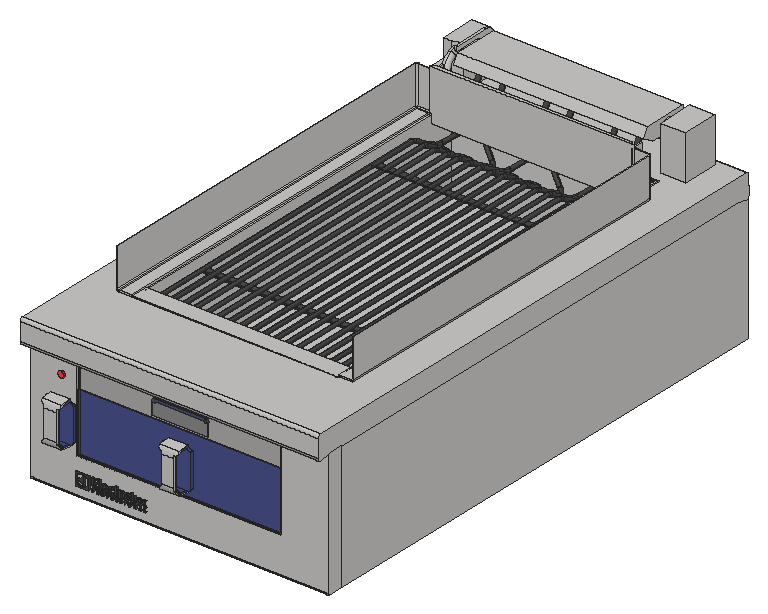
Revit family "QF_ELECTROLUXPROFESSIONAL_589284_MCDDAAEOIO", category Specialty Equipment, Revit 2018 (continued)
Automatic sketch dimensions
  Extrusion 16 sketch curve to Extrusion 16 sketch curve = 2.475 mm
  Extrusion 16 sketch curve to Extrusion 16 sketch curve = 0.003 mm
  Extrusion 16 sketch curve to Extrusion 16 sketch curve = 0.093 mm  (x2)
  Extrusion 16 sketch curve to Extrusion 16 sketch curve = 0.13 mm  (x2)
  Extrusion 16 sketch curve to Extrusion 16 sketch curve = 0.007 mm  (x2)
  Extrusion 16 sketch curve to Extrusion 16 sketch curve = 0.045 mm  (x2)
  Extrusion 16 sketch curve to Extrusion 16 sketch curve = 0.305 mm  (x2)
  Extrusion 16 sketch curve to Extrusion 16 sketch curve = 0.12 mm  (x2)
  Extrusion 16 sketch curve to Extrusion 16 sketch curve = 0.209 mm  (x2)
  Extrusion 16 sketch curve to Extrusion 16 sketch curve = 0.236 mm  (x2)
  plane 12 "BASE" to Extrusion 16 sketch curve = 21.383 mm  (x2)
  Extrusion 16 sketch curve to Extrusion 16 sketch curve = 0.432 mm  (x2)
  plane 12 "BASE" to Extrusion 16 sketch curve = 25 mm
  Extrusion 16 sketch curve to Extrusion 16 sketch curve = 1.08 mm
  plane 12 "BASE" to Extrusion 16 sketch curve = 21.887 mm  (x2)
  Extrusion 16 sketch curve to Extrusion 16 sketch curve = 0.735 mm  (x2)
  Extrusion 16 sketch curve to Extrusion 16 sketch curve = 2.254 mm
  plane 12 "BASE" to Extrusion 16 sketch curve = 24.953 mm  (x2)
  Extrusion 16 sketch curve to Extrusion 16 sketch curve = 1.046 mm
  plane 12 "BASE" to Extrusion 16 sketch curve = 27.282 mm
  Extrusion 16 sketch curve to Extrusion 16 sketch curve = 6.129 mm
  Extrusion 16 sketch curve to Extrusion 16 sketch curve = 2.048 mm
  plane 12 "BASE" to Extrusion 16 sketch curve = 33.815 mm
  Extrusion 16 sketch curve to Extrusion 16 sketch curve = 2.458 mm  (x3)
  plane 12 "BASE" to Extrusion 16 sketch curve = 33.215 mm
  Extrusion 16 sketch curve to Extrusion 16 sketch curve = 2.809 mm  (x2)
  Extrusion 16 sketch curve to Extrusion 16 sketch curve = 1.033 mm
  plane 12 "BASE" to Extrusion 16 sketch curve = 30.158 mm  (x4)
  Extrusion 16 sketch curve to Extrusion 16 sketch curve = 0.379 mm
  Extrusion 16 sketch curve to Extrusion 16 sketch curve = 2.459 mm
  Extrusion 16 sketch curve to Extrusion 16 sketch curve = 4.456 mm
  plane 12 "BASE" to Extrusion 16 sketch curve = 35.672 mm
  Extrusion 16 sketch curve to Extrusion 16 sketch curve = 6.06 mm
  plane 12 "BASE" to Extrusion 16 sketch curve = 26.894 mm
  Extrusion 16 sketch curve to Extrusion 16 sketch curve = 3.222 mm
  plane 12 "BASE" to Extrusion 16 sketch curve = 33.421 mm
  plane 12 "BASE" to Extrusion 16 sketch curve = 24.643 mm
  Extrusion 16 sketch curve to Extrusion 16 sketch curve = 3.221 mm
  Extrusion 16 sketch curve to Extrusion 16 sketch curve = 4.766 mm
  Extrusion 16 sketch curve to Extrusion 16 sketch curve = 1.524 mm
  Extrusion 16 sketch curve to Extrusion 16 sketch curve = 2.48 mm
  Extrusion 16 sketch curve to Extrusion 16 sketch curve = 1.895 mm
  Extrusion 16 sketch curve to Extrusion 16 sketch curve = 0.995 mm  (x2)
  plane 12 "BASE" to Extrusion 16 sketch curve = 20.84 mm
  Extrusion 16 sketch curve to Extrusion 16 sketch curve = 0.039 mm  (x2)
  Extrusion 16 sketch curve to Extrusion 16 sketch curve = 2.499 mm
  Extrusion 16 sketch curve to Extrusion 16 sketch curve = 2.276 mm
  plane 12 "BASE" to Extrusion 16 sketch curve = 24.684 mm
  Extrusion 16 sketch curve to Extrusion 16 sketch curve = 0.393 mm  (x3)
  plane 12 "BASE" to Extrusion 16 sketch curve = 26.956 mm
  Extrusion 16 sketch curve to Extrusion 16 sketch curve = 0.02 mm
  plane 12 "BASE" to Extrusion 16 sketch curve = 29.311 mm
  Extrusion 16 sketch curve to Extrusion 16 sketch curve = 2.273 mm
  Extrusion 16 sketch curve to Extrusion 16 sketch curve = 4.061 mm
  Extrusion 16 sketch curve to Extrusion 16 sketch curve = 1.099 mm
  Extrusion 16 sketch curve to Extrusion 16 sketch curve = 2.498 mm
  Extrusion 16 sketch curve to Extrusion 16 sketch curve = 0.485 mm  (x2)
  plane 12 "BASE" to Extrusion 16 sketch curve = 19.806 mm
  Extrusion 16 sketch curve to Extrusion 16 sketch curve = 0.459 mm  (x4)
  Extrusion 16 sketch curve to Extrusion 16 sketch curve = 1.143 mm
  plane 12 "BASE" to Extrusion 16 sketch curve = 22.688 mm
  Extrusion 16 sketch curve to Extrusion 16 sketch curve = 0.238 mm
  plane 12 "BASE" to Extrusion 16 sketch curve = 20.827 mm
  Extrusion 16 sketch curve to Extrusion 16 sketch curve = 0.462 mm
  Extrusion 16 sketch curve to Extrusion 16 sketch curve = 0.922 mm
  plane 12 "BASE" to Extrusion 16 sketch curve = 18.785 mm
  plane 12 "BASE" to Extrusion 16 sketch curve = 27.449 mm
  Extrusion 16 sketch curve to Extrusion 16 sketch curve = 1.792 mm
  Extrusion 16 sketch curve to Extrusion 16 sketch curve = 1.54 mm
  Extrusion 16 sketch curve to Extrusion 16 sketch curve = 0.872 mm
  Extrusion 16 sketch curve to Extrusion 16 sketch curve = 1.1 mm
  Extrusion 16 sketch curve to Extrusion 16 sketch curve = 1.145 mm
  plane 12 "BASE" to Extrusion 16 sketch curve = 30.447 mm
  Extrusion 16 sketch curve to Extrusion 16 sketch curve = 2.054 mm
  plane 12 "BASE" to Extrusion 16 sketch curve = 28.63 mm
  Extrusion 16 sketch curve to Extrusion 16 sketch curve = 1.363 mm  (x2)
  Extrusion 16 sketch curve to Extrusion 16 sketch curve = 1.364 mm
  Extrusion 16 sketch curve to Extrusion 16 sketch curve = 4.137 mm
  Extrusion 16 sketch curve to Extrusion 16 sketch curve = 2.252 mm  (x2)
  Extrusion 16 sketch curve to Extrusion 16 sketch curve = 0.127 mm
  plane 12 "BASE" to Extrusion 16 sketch curve = 28.282 mm
  Extrusion 16 sketch curve to Extrusion 16 sketch curve = 1.563 mm
  Extrusion 16 sketch curve to Extrusion 16 sketch curve = 1.048 mm
  Extrusion 16 sketch curve to Extrusion 16 sketch curve = 1.914 mm
  Extrusion 16 sketch curve to Extrusion 16 sketch curve = 2.706 mm
  Extrusion 16 sketch curve to Extrusion 16 sketch curve = 2.664 mm
  Extrusion 16 sketch curve to Extrusion 16 sketch curve = 7.314 mm
  Extrusion 16 sketch curve to Extrusion 16 sketch curve = 1.632 mm
  Extrusion 16 sketch curve to Extrusion 16 sketch curve = 3.648 mm  (x2)
  Extrusion 16 sketch curve to Extrusion 16 sketch curve = 3.598 mm  (x2)
  Extrusion 16 sketch curve to Extrusion 16 sketch curve = 4.176 mm
  Extrusion 16 sketch curve to Extrusion 16 sketch curve = 1.127 mm
  Extrusion 16 sketch curve to Extrusion 16 sketch curve = 3.129 mm
  Extrusion 16 sketch curve to Extrusion 16 sketch curve = 0.787 mm
  Extrusion 16 sketch curve to Extrusion 16 sketch curve = 0.856 mm
  Extrusion 16 sketch curve to Extrusion 16 sketch curve = 0.934 mm
  Extrusion 16 sketch curve to Extrusion 16 sketch curve = 0.941 mm  (x3)
  Extrusion 16 sketch curve to Extrusion 16 sketch curve = 0.537 mm  (x2)
  Extrusion 16 sketch curve to Extrusion 16 sketch curve = 0.25 mm
  Extrusion 16 sketch curve to Extrusion 16 sketch curve = 0.311 mm  (x2)
  Extrusion 16 sketch curve to Extrusion 16 sketch curve = 0.031 mm
  Extrusion 16 sketch curve to Extrusion 16 sketch curve = 1.686 mm
  Extrusion 16 sketch curve to Extrusion 16 sketch curve = 0.082 mm
  Extrusion 16 sketch curve to Extrusion 16 sketch curve = 1.753 mm
  Extrusion 16 sketch curve to Extrusion 16 sketch curve = 0.014 mm  (x2)
  Extrusion 16 sketch curve to Extrusion 16 sketch curve = 0.109 mm  (x2)
  Extrusion 16 sketch curve to Extrusion 16 sketch curve = 0.018 mm  (x2)
  Extrusion 16 sketch curve to Extrusion 16 sketch curve = 2.046 mm
  Extrusion 16 sketch curve to Extrusion 16 sketch curve = 0.827 mm
  Extrusion 16 sketch curve to Extrusion 16 sketch curve = 4.496 mm
  Extrusion 16 sketch curve to Extrusion 16 sketch curve = 4.443 mm
  Extrusion 16 sketch curve to Extrusion 16 sketch curve = 1.66 mm
  Extrusion 16 sketch curve to Extrusion 16 sketch curve = 0.631 mm  (x2)
  Extrusion 16 sketch curve to Extrusion 16 sketch curve = 1.016 mm
  Extrusion 16 sketch curve to Extrusion 16 sketch curve = 0.313 mm  (x2)
  Extrusion 16 sketch curve to Extrusion 16 sketch curve = 0.94 mm  (x3)
  Extrusion 16 sketch curve to Extrusion 16 sketch curve = 0.163 mm  (x2)
  Extrusion 16 sketch curve to Extrusion 16 sketch curve = 0.192 mm  (x2)
  Extrusion 16 sketch curve to Extrusion 16 sketch curve = 0.704 mm
  Extrusion 16 sketch curve to Extrusion 16 sketch curve = 0.686 mm
  Extrusion 16 sketch curve to Extrusion 16 sketch curve = 0.002 mm
  Extrusion 16 sketch curve to Extrusion 16 sketch curve = 0.077 mm  (x2)
  Extrusion 16 sketch curve to Extrusion 16 sketch curve = 0.164 mm  (x2)
  Extrusion 16 sketch curve to Extrusion 16 sketch curve = 0.865 mm
  Extrusion 16 sketch curve to Extrusion 16 sketch curve = 1.05 mm
  Extrusion 16 sketch curve to Extrusion 16 sketch curve = 0.337 mm  (x2)
  Extrusion 16 sketch curve to Extrusion 16 sketch curve = 4.036 mm
  Extrusion 16 sketch curve to Extrusion 16 sketch curve = 1.996 mm
  Extrusion 16 sketch curve to Extrusion 16 sketch curve = 1.955 mm
  Extrusion 16 sketch curve to Extrusion 16 sketch curve = 1.847 mm
  Extrusion 16 sketch curve to Extrusion 16 sketch curve = 2.265 mm  (x2)
  Extrusion 16 sketch curve to Extrusion 16 sketch curve = 0.004 mm  (x2)
  Extrusion 16 sketch curve to Extrusion 16 sketch curve = 0.132 mm
  Extrusion 16 sketch curve to Extrusion 16 sketch curve = 0.034 mm
  Extrusion 16 sketch curve to Extrusion 16 sketch curve = 4.131 mm
  Extrusion 16 sketch curve to Extrusion 16 sketch curve = 1.129 mm
  Extrusion 16 sketch curve to Extrusion 16 sketch curve = 0.166 mm
  Extrusion 16 sketch curve to Extrusion 16 sketch curve = 0.141 mm
  Extrusion 16 sketch curve to Extrusion 16 sketch curve = 2.155 mm
  Extrusion 16 sketch curve to Extrusion 16 sketch curve = 3.388 mm
  Extrusion 16 sketch curve to Extrusion 16 sketch curve = 1.838 mm
  Extrusion 16 sketch curve to Extrusion 16 sketch curve = 1.833 mm
  Extrusion 16 sketch curve to Extrusion 16 sketch curve = 1.776 mm
  Extrusion 16 sketch curve to Extrusion 16 sketch curve = 1.273 mm
  Extrusion 16 sketch curve to Extrusion 16 sketch curve = 2.637 mm  (x2)
  Extrusion 16 sketch curve to Extrusion 16 sketch curve = 0.103 mm
  Extrusion 16 sketch curve to Extrusion 16 sketch curve = 3.672 mm
  Extrusion 16 sketch curve to Extrusion 16 sketch curve = 2.338 mm
  Extrusion 16 sketch curve to Extrusion 16 sketch curve = 2.258 mm
  Extrusion 16 sketch curve to Extrusion 16 sketch curve = 2.106 mm
  Extrusion 16 sketch curve to Extrusion 16 sketch curve = 1.548 mm
  Extrusion 16 sketch curve to Extrusion 16 sketch curve = 6.073 mm
  Extrusion 16 sketch curve to Extrusion 16 sketch curve = 2.396 mm
  Extrusion 16 sketch curve to Extrusion 16 sketch curve = 1.409 mm
  Extrusion 16 sketch curve to Extrusion 16 sketch curve = 3.403 mm
  Extrusion 16 sketch curve to Extrusion 16 sketch curve = 0.89 mm
  Extrusion 16 sketch curve to Extrusion 16 sketch curve = 2.331 mm
  Extrusion 16 sketch curve to Extrusion 16 sketch curve = 3.986 mm
  Extrusion 16 sketch curve to Extrusion 16 sketch curve = 3.987 mm
  Extrusion 16 sketch curve to Extrusion 16 sketch curve = 1.009 mm  (x2)
  Extrusion 16 sketch curve to Extrusion 16 sketch curve = 0.125 mm  (x2)
  Extrusion 16 sketch curve to Extrusion 16 sketch curve = 0.522 mm  (x2)
  Extrusion 16 sketch curve to Extrusion 16 sketch curve = 0.257 mm  (x2)
  Extrusion 16 sketch curve to Extrusion 16 sketch curve = 0.286 mm  (x2)
  Extrusion 16 sketch curve to Extrusion 16 sketch curve = 0.278 mm  (x2)
  Extrusion 16 sketch curve to Extrusion 16 sketch curve = 0.822 mm  (x2)
  Extrusion 16 sketch curve to Extrusion 16 sketch curve = 0.835 mm  (x2)
  Sweep 17 sketch curve to plane 13 "TOP" = 30.001 mm
  Sweep 17 sketch curve to plane 13 "TOP" = 11.001 mm
  Sweep 17 sketch curve to Sweep 17 sketch curve = 19.4 mm
  Sweep 17 sketch curve to Sweep 17 sketch curve = 4 mm
  plane 11 "sCARICO" to Sweep 17 sketch curve = 0 mm
  Sweep 17 sketch curve to profile plane = 0 mm
  Sweep 18 sketch curve to plane 13 "TOP" = 34.001 mm
  Sweep 18 sketch curve to Sweep 18 sketch curve = 13.5 mm
  Sweep 18 sketch curve to plane 11 "sCARICO" = 0 mm
  Sweep 18 sketch curve to profile plane = 0 mm
  plane 6 "PLAIN" to Extrusion 19 sketch curve = 1.152 mm
  plane 3 "LEFT" to Extrusion 19 sketch curve = 77.348 mm
  plane 15 "EI_y" to Extrusion 19 sketch curve = 33.348 mm
  plane 12 "BASE" to Extrusion 19 sketch curve = 250 mm
  Extrusion 20 sketch curve to plane 6 "PLAIN" = 0 mm
  plane 3 "LEFT" to Extrusion 20 sketch curve = 81 mm
  plane 15 "EI_y" to Extrusion 20 sketch curve = 37 mm
  plane 12 "BASE" to Extrusion 20 sketch curve = 110 mm
  Extrusion 21 sketch curve to plane 6 "PLAIN" = 0 mm
  plane 3 "LEFT" to Extrusion 21 sketch curve = 81 mm
  plane 15 "EI_y" to Extrusion 21 sketch curve = 37 mm
  plane 12 "BASE" to Extrusion 21 sketch curve = 110 mm
  plane 10 "MontanteBack" to Extrusion 22 sketch curve = 65.726 mm
  Extrusion 22 sketch curve to Extrusion 22 sketch curve = 2.105 mm  (x2)
  plane 15 "EI_y" to Extrusion 22 sketch curve = 35.452 mm
  Extrusion 22 sketch curve to Extrusion 22 sketch curve = 6.786 mm  (x2)
  plane 3 "LEFT" to Extrusion 22 sketch curve = 86.238 mm
  Extrusion 22 sketch curve to Extrusion 22 sketch curve = 0 mm  (x3)
  plane 16 to Extrusion 23 sketch curve = 0 mm
  Extrusion 23 sketch curve to plane 9 "Grill" = 0 mm  (x2)
  plane 10 "MontanteBack" to Extrusion 23 sketch curve = 99.724 mm
  Extrusion 23 sketch curve to Extrusion 23 sketch curve = 3.1 mm  (x2)
  Extrusion 23 sketch curve to Extrusion 23 sketch curve = 32.302 mm
  Extrusion 23 sketch curve to Extrusion 23 sketch curve = 4.65 mm  (x2)
  Extrusion 23 sketch curve to Extrusion 23 sketch curve = 507.382 mm
  Extrusion 23 sketch curve to Extrusion 23 sketch curve = 41.464 mm
  Extrusion 23 sketch curve to Extrusion 23 sketch curve = 2.45 mm
  Extrusion 23 sketch curve to Extrusion 23 sketch curve = 4.244 mm
  Extrusion 23 sketch curve to Extrusion 23 sketch curve = 5.369 mm  (x2)
  Extrusion 23 sketch curve to Extrusion 23 sketch curve = 41.167 mm
  Extrusion 23 sketch curve to Extrusion 23 sketch curve = 5.502 mm
  Extrusion 23 sketch curve to Extrusion 23 sketch curve = 4.788 mm
  Extrusion 23 sketch curve to Extrusion 23 sketch curve = 106.667 mm
  Extrusion 23 sketch curve to Extrusion 23 sketch curve = 87.573 mm
  Extrusion 23 sketch curve to Extrusion 23 sketch curve = 1.306 mm
  Extrusion 23 sketch curve to Extrusion 23 sketch curve = 8.054 mm
  Extrusion 23 sketch curve to Extrusion 23 sketch curve = 9.3 mm
  Extrusion 23 sketch curve to Extrusion 23 sketch curve = 39.063 mm
  Extrusion 23 sketch curve to Extrusion 23 sketch curve = 2.871 mm
  Extrusion 24 sketch curve to plane 13 "TOP" = 0 mm  (x2)
  Extrusion 24 sketch curve to plane 10 "MontanteBack" = 4.508 mm
  plane 13 "TOP" to Extrusion 24 sketch curve = 32.592 mm
  Extrusion 24 sketch curve to Extrusion 24 sketch curve = 23.633 mm
  Extrusion 24 sketch curve to Extrusion 24 sketch curve = 27.957 mm
  plane 13 "TOP" to Extrusion 25 sketch curve = 7.313 mm
  plane 10 "MontanteBack" to Extrusion 25 sketch curve = 18.546 mm
  plane 13 "TOP" to Extrusion 25 sketch curve = 1.313 mm
  Extrusion 25 sketch curve to plane 10 "MontanteBack" = 20.263 mm
  Extrusion 25 sketch curve to Extrusion 25 sketch curve = 18.304 mm
  Extrusion 25 sketch curve to plane 13 "TOP" = 7.687 mm
  Extrusion 25 sketch curve to Extrusion 25 sketch curve = 20.771 mm
  Extrusion 25 sketch curve to Extrusion 25 sketch curve = 4.193 mm
  Extrusion 25 sketch curve to Extrusion 25 sketch curve = 7.322 mm
  Extrusion 25 sketch curve to plane 13 "TOP" = 4.569 mm
  Extrusion 25 sketch curve to Extrusion 25 sketch curve = 2.861 mm
  Extrusion 25 sketch curve to Extrusion 25 sketch curve = 13.461 mm
  Extrusion 25 sketch curve to plane 13 "TOP" = 19.001 mm
  Extrusion 25 sketch curve to Extrusion 25 sketch curve = 23.999 mm
  Extrusion 25 sketch curve to Extrusion 25 sketch curve = 8.568 mm
  Extrusion 25 sketch curve to Extrusion 25 sketch curve = 9.081 mm
  Extrusion 25 sketch curve to Extrusion 25 sketch curve = 1.291 mm
  plane 14 "EI_x" to Extrusion 30 sketch curve = 47.818 mm
  plane 3 "LEFT" to Extrusion 30 sketch curve = 86.446 mm
  plane 14 "EI_x" to Extrusion 31 sketch curve = 47.818 mm
  plane 3 "LEFT" to Extrusion 31 sketch curve = 86.446 mm
  plane 15 "EI_y" to Extrusion 34 sketch curve = 11 mm
  Extrusion 34 sketch curve to plane 8 "Center (Front/Back)" = 73 mm
  plane 14 "EI_x" to Extrusion 32 sketch curve = 0 mm
  Extrusion 32 sketch curve to plane 15 "EI_y" = 0 mm
  plane 15 "EI_y" to Sweep 1 sketch curve = 39.452 mm
  Sweep 1 sketch curve to Sweep 1 sketch curve = 4 mm  (x2)
  plane 15 "EI_y" to Sweep 1 sketch curve = 13.452 mm
  plane 10 "MontanteBack" to Sweep 1 sketch curve = 71.621 mm
  plane 14 "EI_x" to Sweep 1 sketch curve = 76 mm
  Sweep 1 sketch curve to Sweep 1 sketch curve = 14 mm
  Sweep 2 sketch curve to plane 3 "LEFT" = 83.452 mm
  Sweep 2 sketch curve to Sweep 2 sketch curve = 4 mm  (x2)
  Sweep 2 sketch curve to Sweep 2 sketch curve = 22 mm
  Sweep 2 sketch curve to plane 10 "MontanteBack" = 71.621 mm
  Sweep 2 sketch curve to Sweep 2 sketch curve = 14 mm
  Sweep 2 sketch curve to plane 14 "EI_x" = 79 mm
  Extrusion 27 sketch curve to Extrusion 27 sketch curve = 0 mm  (x2)
  plane 10 "MontanteBack" to Extrusion 27 sketch curve = 93.701 mm
  plane 7 "Center (Left/Right)" to Extrusion 27 sketch curve = 68.033 mm
  plane 10 "MontanteBack" to Extrusion 28 sketch curve = 93.701 mm
  plane 7 "Center (Left/Right)" to Extrusion 28 sketch curve = 68.033 mm
  plane 10 "MontanteBack" to Extrusion 29 sketch curve = 93.701 mm
  plane 7 "Center (Left/Right)" to Extrusion 29 sketch curve = 68.033 mm
  Extrusion 33 sketch curve to plane 14 "EI_x" = 15 mm
  plane 7 "Center (Left/Right)" to Extrusion 33 sketch curve = 49 mm
  curve 79 to curve 82 = 0 mm  (x2)
  curve 92 to curve 93 = 0 mm  (x2)
  curve 121 to curve 122 = 0 mm  (x2)
  curve 128 to curve 129 = 0 mm  (x2)
  curve 116 to plane 4 "RIGHT" = 0 mm
  plane 5 "FRONT" to curve 116 = 0 mm
  plane 11 "sCARICO" to curve 133 = 0 mm
  plane 11 "sCARICO" to curve 132 = 0 mm
  plane 1 "BACK" to curve 117 = 0 mm
  curve 117 to plane 4 "RIGHT" = 0 mm
  curve 117 to plane 3 "LEFT" = 0 mm
  curve 116 to plane 3 "LEFT" = 0 mm
  plane 14 "EI_x" to curve 85 = 79 mm
  plane 15 "EI_y" to curve 130 = 33.348 mm
  plane 14 "EI_x" to curve 130 = 78.975 mm
  plane 15 "EI_y" to curve 90 = 8.5 mm
  curve 87 to curve 90 = 2.975 mm
  plane 10 "MontanteBack" to curve 81 = 71.621 mm
  plane 10 "MontanteBack" to curve 90 = 71.621 mm
  curve 92 to curve 124 = 0.895 mm
  curve 95 to curve 94 = 4.057 mm
  curve 122 to curve 83 = 4.057 mm
  curve 83 to curve 120 = 3.048 mm
  curve 94 to curve 125 = 3.048 mm
  curve 122 to curve 119 = 14 mm
  curve 125 to curve 125 = 14 mm
  curve 119 to curve 134 = 11.759 mm
  curve 134 to curve 133 = 1.606 mm
  curve 133 to curve 132 = 0.002 mm
  curve 133 to curve 108 = 1.606 mm
  curve 133 to curve 97 = 4.618 mm
  curve 131 to curve 139 = 8.033 mm
  plane 10 "MontanteBack" to curve 102 = 3.433 mm
  plane 10 "MontanteBack" to curve 107 = 1.433 mm
  curve 104 to plane 10 "MontanteBack" = 3.46 mm
  plane 1 "BACK" to curve 100 = 11.433 mm
  plane 1 "BACK" to curve 111 = 11.433 mm
  plane 1 "BACK" to curve 105 = 11.433 mm
  plane 15 "EI_y" to curve 101 = 2.505 mm
  plane 15 "EI_y" to curve 140 = 32 mm
  curve 87 to curve 124 = 2.104 mm
  curve 99 to curve 100 = 42 mm
  curve 119 to curve 133 = 8.776 mm
  curve 131 to curve 132 = 8.776 mm
  curve 97 to curve 111 = 2.057 mm
  curve 108 to curve 133 = 5.26 mm
  curve 109 to curve 110 = 3.842 mm
  plane 3 "LEFT" to curve 130 = 77.348 mm
  curve 141 to curve 107 = 4.164 mm
  curve 104 to curve 107 = 16.004 mm
  curve 86 to curve 83 = 19.896 mm
  curve 103 to curve 105 = 30 mm
  curve 88 to curve 135 = 26.125 mm
  curve 4 to plane 14 "EI_x" = 63.346 mm
  curve 14 to plane 14 "EI_x" = 63.346 mm
  curve 4 to curve 6 = 0 mm
  curve 14 to curve 16 = 0 mm
  curve 12 to curve 14 = 0 mm
  curve 6 to curve 8 = 0 mm
  curve 16 to curve 18 = 0 mm
  curve 8 to curve 10 = 0 mm
  curve 18 to curve 20 = 0 mm
  curve 20 to curve 22 = 0 mm
  curve 40 to plane 14 "EI_x" = 63.346 mm
  curve 22 to curve 24 = 0 mm
  curve 38 to curve 4 = 0 mm
  curve 24 to curve 26 = 0 mm
  curve 36 to curve 14 = 0 mm
  curve 34 to curve 40 = 0 mm
  curve 26 to curve 28 = 0 mm
  curve 32 to curve 34 = 0 mm
  curve 28 to curve 30 = 0 mm
  curve 32 to curve 31 = 8 mm
  curve 29 to curve 31 = 0 mm
  curve 31 to curve 33 = 0 mm
  curve 27 to curve 29 = 0 mm
  curve 36 to curve 35 = 8 mm
  curve 11 to curve 35 = 0 mm
  curve 38 to curve 37 = 8 mm
  curve 25 to curve 27 = 0 mm
  curve 33 to curve 39 = 0 mm
  curve 23 to curve 25 = 0 mm
  curve 21 to curve 23 = 0 mm
  curve 19 to curve 21 = 0 mm
  curve 9 to curve 11 = 0 mm
  curve 17 to curve 19 = 0 mm
  curve 7 to curve 9 = 0 mm
  curve 15 to curve 17 = 0 mm
  curve 5 to curve 7 = 0 mm
  curve 13 to curve 15 = 0 mm
  curve 3 to curve 5 = 0 mm
  curve 50 to curve 122 = 120.928 mm
  curve 48 to curve 50 = 0 mm
  curve 50 to curve 52 = 0 mm
  curve 46 to curve 48 = 0 mm
  curve 52 to curve 54 = 0 mm
  curve 44 to curve 46 = 0 mm
  curve 54 to curve 56 = 0 mm
  curve 42 to curve 44 = 0 mm
  curve 56 to curve 58 = 0 mm
  curve 58 to curve 60 = 0 mm
  plane 15 "EI_y" to curve 78 = 37 mm
  curve 78 to curve 128 = 120.928 mm
  curve 60 to curve 62 = 0 mm
  curve 76 to curve 42 = 0 mm
  curve 62 to curve 64 = 0 mm
  curve 74 to curve 52 = 0 mm
  curve 64 to curve 66 = 0 mm
  curve 72 to curve 78 = 0 mm
  curve 66 to curve 68 = 0 mm
  curve 70 to curve 72 = 0 mm
  curve 70 to curve 69 = 8 mm
  curve 69 to curve 71 = 0 mm
  curve 67 to curve 69 = 0 mm
  curve 74 to curve 73 = 8 mm
  curve 65 to curve 67 = 0 mm
  curve 76 to curve 75 = 8 mm
  curve 63 to curve 65 = 0 mm
  curve 71 to curve 77 = 0 mm
  curve 61 to curve 63 = 0 mm
  curve 44 to curve 43 = 8 mm
  curve 46 to curve 45 = 8 mm
  curve 59 to curve 61 = 0 mm
  curve 41 to curve 43 = 0 mm
  curve 45 to curve 47 = 0 mm
  curve 47 to curve 49 = 0 mm
  curve 57 to curve 59 = 0 mm
  curve 55 to curve 57 = 0 mm
  curve 53 to curve 55 = 0 mm
  curve 73 to curve 51 = 0 mm
  curve 83 to curve 137 = 0.418 mm
  curve 123 to curve 128 = 2.105 mm
  curve 119 to curve 138 = 2.512 mm
  curve 119 to curve 137 = 2.846 mm
  curve 131 to curve 98 = 0.384 mm
  curve 133 to curve 132 = 9.113 mm
  curve 97 to curve 132 = 4.496 mm
  curve 132 to curve 145 = 3.991 mm
  curve 115 to plane 10 "MontanteBack" = 5.06 mm
  curve 142 to plane 10 "MontanteBack" = 5.067 mm
  curve 104 to curve 141 = 1.607 mm
  curve 141 to curve 114 = 5 mm
  curve 113 to curve 99 = 21.507 mm
  curve 143 to curve 110 = 21.496 mm
  curve 143 to curve 144 = 0.054 mm
  curve 143 to curve 112 = 5 mm
  curve 96 to curve 109 = 5 mm
  curve 136 to curve 96 = 0 mm
  curve 77 to curve 78 = 0 mm
  curve 40 to curve 40 = 8.05 mm
  curve 78 to curve 78 = 4.398 mm
  curve 39 to curve 40 = 0 mm
  curve 77 to curve 77 = 4.398 mm
  curve 40 to curve 34 = 6.201 mm
  curve 78 to curve 72 = 6.201 mm
  curve 77 to curve 71 = 6.201 mm
  curve 39 to curve 33 = 6.201 mm
  curve 115 to curve 115 = 7.31 mm
  curve 131 to curve 98 = 0 mm
  curve 72 to curve 72 = 12.8 mm
  curve 34 to curve 34 = 12.8 mm
  curve 71 to curve 72 = 0 mm
  curve 33 to curve 34 = 0 mm
  curve 33 to curve 31 = 6.201 mm
  curve 71 to curve 69 = 6.201 mm
  curve 34 to curve 32 = 6.201 mm
  curve 72 to curve 70 = 6.201 mm
  curve 70 to curve 70 = 12.8 mm
  curve 32 to curve 32 = 12.8 mm
  curve 31 to curve 32 = 0 mm
  curve 69 to curve 70 = 0 mm
  curve 31 to curve 29 = 6.2 mm
  curve 69 to curve 67 = 6.2 mm
  curve 70 to curve 68 = 6.2 mm
  curve 32 to curve 30 = 6.2 mm
  curve 30 to curve 30 = 12.8 mm
  curve 68 to curve 68 = 12.8 mm
  curve 29 to curve 30 = 0 mm
  curve 67 to curve 68 = 0 mm
  curve 67 to curve 65 = 6.2 mm
  curve 30 to curve 28 = 6.2 mm
  curve 29 to curve 27 = 6.2 mm
  curve 68 to curve 66 = 6.2 mm
  curve 28 to curve 28 = 12.8 mm
  curve 27 to curve 28 = 0 mm
  curve 66 to curve 66 = 12.8 mm
  curve 65 to curve 66 = 0 mm
  curve 28 to curve 26 = 6.2 mm
  curve 27 to curve 25 = 6.2 mm
  curve 65 to curve 63 = 6.2 mm
  curve 66 to curve 64 = 6.2 mm
  curve 26 to curve 26 = 13 mm
  curve 25 to curve 26 = 0 mm
  curve 63 to curve 63 = 13 mm
  curve 64 to curve 63 = 0 mm
  curve 25 to curve 23 = 6 mm
  curve 26 to curve 24 = 6 mm
  curve 63 to curve 61 = 6 mm
  curve 64 to curve 62 = 6 mm
  curve 23 to curve 23 = 12.8 mm
  curve 62 to curve 62 = 12.8 mm
  curve 61 to curve 62 = 0 mm
  curve 24 to curve 23 = 0 mm
  curve 24 to curve 22 = 6.2 mm
  curve 61 to curve 59 = 6.2 mm
  curve 62 to curve 60 = 6.2 mm
  curve 23 to curve 21 = 6.2 mm
  curve 22 to curve 22 = 12.8 mm
  curve 60 to curve 60 = 12.8 mm
  curve 59 to curve 60 = 0 mm
  curve 21 to curve 22 = 0 mm
  curve 21 to curve 19 = 6.201 mm
  curve 60 to curve 58 = 6.201 mm
  curve 59 to curve 57 = 6.201 mm
  curve 22 to curve 20 = 6.201 mm
  plane 7 "Center (Left/Right)" to curve 58 = 12.601 mm
  curve 57 to curve 58 = 0 mm
  plane 7 "Center (Left/Right)" to curve 19 = 12.601 mm
  curve 20 to curve 19 = 0 mm
  curve 19 to curve 17 = 6.2 mm
  curve 20 to curve 18 = 6.2 mm
  curve 57 to curve 55 = 6.2 mm
  curve 58 to curve 56 = 6.2 mm
  curve 18 to plane 7 "Center (Left/Right)" = 6.399 mm
  curve 56 to plane 7 "Center (Left/Right)" = 6.399 mm
  curve 17 to plane 7 "Center (Left/Right)" = 6.399 mm
  curve 55 to plane 7 "Center (Left/Right)" = 6.399 mm
  curve 55 to curve 53 = 6.2 mm
  curve 56 to curve 54 = 6.2 mm
  curve 18 to curve 16 = 6.2 mm
  curve 17 to curve 15 = 6.2 mm
  curve 15 to curve 15 = 12.8 mm
  curve 53 to curve 53 = 12.8 mm
  curve 16 to curve 15 = 0 mm
  curve 54 to curve 53 = 0 mm
  curve 53 to curve 51 = 6.2 mm
  curve 15 to curve 13 = 6.2 mm
  curve 54 to curve 52 = 6.2 mm
  curve 16 to curve 14 = 6.2 mm
  curve 14 to curve 14 = 12.8 mm
  curve 52 to curve 52 = 12.8 mm
  curve 13 to curve 14 = 0 mm
  curve 51 to curve 52 = 0 mm
  curve 51 to curve 73 = 6.2 mm
  curve 52 to curve 74 = 6.2 mm
  curve 14 to curve 36 = 6.2 mm
  curve 13 to curve 35 = 6.2 mm
  curve 36 to curve 36 = 12.8 mm
  curve 74 to curve 74 = 12.8 mm
  curve 35 to curve 36 = 0 mm
  curve 73 to curve 74 = 0 mm
  curve 35 to curve 11 = 6 mm
  curve 36 to curve 12 = 6 mm
  curve 74 to curve 50 = 6 mm
  curve 73 to curve 49 = 6 mm
  curve 50 to curve 50 = 13 mm
  curve 49 to curve 50 = 0 mm
  curve 12 to curve 12 = 13 mm
  curve 11 to curve 12 = 0 mm
  curve 49 to curve 47 = 6.201 mm
  curve 50 to curve 48 = 6.201 mm
  curve 11 to curve 9 = 6.201 mm
  curve 12 to curve 10 = 6.201 mm
  curve 10 to curve 10 = 12.8 mm
  curve 47 to curve 47 = 12.8 mm
  curve 9 to curve 10 = 0 mm
  curve 48 to curve 47 = 0 mm
  curve 10 to curve 8 = 6.2 mm
  curve 9 to curve 7 = 6.2 mm
  curve 47 to curve 45 = 6.2 mm
  curve 48 to curve 46 = 6.2 mm
  curve 45 to curve 45 = 12.8 mm
  curve 7 to curve 7 = 12.8 mm
  curve 8 to curve 7 = 0 mm
  curve 46 to curve 45 = 0 mm
  curve 45 to curve 43 = 6.2 mm
  curve 8 to curve 6 = 6.2 mm
  curve 46 to curve 44 = 6.2 mm
  curve 7 to curve 5 = 6.2 mm
  curve 44 to curve 44 = 12.8 mm
  curve 5 to curve 5 = 12.8 mm
  curve 43 to curve 44 = 0 mm
  curve 6 to curve 5 = 0 mm
  curve 43 to curve 41 = 6.2 mm
  curve 44 to curve 42 = 6.2 mm
  curve 6 to curve 4 = 6.2 mm
  curve 5 to curve 3 = 6.2 mm
  curve 4 to curve 4 = 12.8 mm
  curve 42 to curve 42 = 12.8 mm
  curve 3 to curve 4 = 0 mm
  curve 41 to curve 42 = 0 mm
  curve 3 to curve 37 = 6.2 mm
  curve 41 to curve 75 = 6.2 mm
  curve 42 to curve 76 = 6.2 mm
  curve 4 to curve 38 = 6.2 mm
  curve 76 to curve 76 = 4.401 mm
  curve 75 to curve 75 = 4.401 mm
  curve 37 to curve 37 = 7.401 mm
  curve 38 to curve 38 = 7.401 mm
  radius of Extrusion 6 sketch curve = 16 mm
  radius of Extrusion 9 sketch curve = 4.002 mm  (x2)
  radius of Extrusion 16 sketch curve = 2.585 mm  (x2)
  radius of Extrusion 16 sketch curve = 1.64 mm
  radius of Extrusion 16 sketch curve = 1.548 mm
  radius of Sweep 17 sketch curve = 5.5 mm
  radius of Sweep 18 sketch curve = 11 mm
  radius of Extrusion 30 sketch curve = 3.406 mm
  radius of Extrusion 31 sketch curve = 3.406 mm
  radius of Extrusion 34 sketch curve = 10 mm
  radius of Extrusion 32 sketch curve = 10 mm
  radius of Extrusion 27 sketch curve = 49 mm
  radius of Extrusion 27 sketch curve = 44 mm
  radius of Extrusion 28 sketch curve = 35 mm
  radius of Extrusion 29 sketch curve = 35 mm
  radius of Extrusion 33 sketch curve = 6.35 mm
Nested families
  nested 1: "GC_900_500_Front_Panel" at (252.376, -854, 0), type "GC_900_500_Front_Panel"
  nested 2: "CharGrill1" at (74.881, -8.615, 613.364), type "CharGrill1"
    with Width 628.013 mm, No. of Rails 2, Grill Width 180 mm
  nested 3: "CharGrill1" at (188.881, -8.615, 613.364), type "CharGrill1"
    with Width 628.013 mm, No. of Rails 2, Grill Width 180 mm
  nested 4: "CharGrill1" at (-39.119, -8.615, 613.364), type "CharGrill1"
    with Width 628.013 mm, No. of Rails 2, Grill Width 180 mm
Connectors
  electrical at (456, -685, 670), driven by "Volts"
    settings: on Extrusion 32, index 1, voltage 400 V, apparent load 0 VA, apparent load phase1 0 VA, apparent load phase2 0 VA, apparent load phase3 0 VA, power factor 1, load classification "Other", number of poles 1, system type 30, power factor state 1, is connector primary yes, connector utility no, sub classification motor no, connector description "Electrical Connection"
  piping at (445, -523, 670), diameter 12.7, driven by "Cold Water Size"
    settings: on Extrusion 34, index 2, connector inside diameter 24", connector length 0 mm, flow factor 0, pipe flow 0 GPM, pressure drop 0.00 psi, fitting loss kfactor 0, connector angle 0.00°, fixture units 0, engagement length 0 mm, angle of deflection 0.00°, flow configuration 1, flow direction 1, fitting loss method 0, system type 20, joint type 0, gender type 0, connector reference index -1, connector utility 0, adjustable connector no, is connector primary yes, connector description "Cold Water Inlet"
  piping at (299, -670, 650), diameter 12.7
    settings: on Extrusion 33, index 3, connector inside diameter 24", connector length 0 mm, flow factor 0, pipe flow 0 GPM, pressure drop 0.00 psi, fitting loss kfactor 0, connector angle 0.00°, fixture units 0, engagement length 0 mm, angle of deflection 0.00°, flow configuration 1, flow direction 2, fitting loss method 0, system type 16, joint type 0, gender type 0, connector reference index -1, connector utility 0, adjustable connector no, is connector primary no, connector description "Drain"
Definition of nested family "GC_900_500_Front_Panel"
  Reference planes
    plane 1 "Center (Front/Back)": y = 0
    plane 2: z = 0
    plane 3 "Center (Left/Right)": x = -2.376
    plane 4: x = -252.376
    plane 5: x = 247.624
  Forms (mm)
    Extrusion 1, solid
      sketch origin (833.217, 829.203, -1.25) x (0, 1, 0) y (0, 0, 1)
        loop
          arc (-854.203, 654.25) -> (-853.324, 652.129) -> (-851.203, 651.25) r 3
          line (-851.203, 651.25) -> (-829.203, 651.25) -> (-829.203, 864.25) -> (-854.203, 864.25) -> (-854.203, 654.25)
      from -1085.593 to -585.593
    Extrusion 2, void
      sketch origin (33.217, 829.203, -1.25) x (1, 0, 0) y (0, 0, 1)
        loop
          line (-207.593, 855.116) -> (-207.593, 713.116) -> (136.407, 713.116) -> (136.407, 855.116) -> (-207.593, 855.116)
      from 848.59 to 854.203
    Extrusion 3, solid
      sketch origin (0, 0, 0) x (1, 0, 0) y (0, 0, 1)
        loop
          circle (-199.376, 825.517) r 5
      from 25 to 26.7
  Cuts and joins
    Extrusion 2 cuts Extrusion 1
  Lines and regions (mm)
    symbolic lines
      curve 1: line (-18.71, -48.326, 0) -> (-18.71, -45.975, 0)
      curve 2: spline (-13.041, -49.73, 0) -> (-13.52, -49.657, 0) -> (-13.998, -49.575, 0) -> (-14.475, -49.486, 0) -> (-14.951, -49.389, 0) -> (-15.426, -49.283, 0) -> (-15.899, -49.17, 0) -> (-16.372, -49.049, 0) -> (-16.842, -48.92, 0) -> (-17.312, -48.783, 0) -> (-17.78, -48.638, 0) -> (-18.246, -48.486, 0) -> (-18.71, -48.326, 0)
      curve 3: line (13.506, -48.326, 0) -> (13.506, -45.975, 0)
      curve 4: spline (13.506, -48.326, 0) -> (13.041, -48.486, 0) -> (12.575, -48.638, 0) -> (12.107, -48.783, 0) -> (11.638, -48.92, 0) -> (11.167, -49.049, 0) -> (10.695, -49.17, 0) -> (10.221, -49.283, 0) -> (9.746, -49.389, 0) -> (9.271, -49.486, 0) -> (8.794, -49.575, 0) -> (8.316, -49.657, 0) -> (7.837, -49.73, 0)
      curve 5: line (-13.041, -49.73, 0) -> (7.837, -49.73, 0)
      curve 6: line (-215.71, -48.326, 0) -> (-215.71, -45.975, 0)
      curve 7: spline (-210.041, -49.73, 0) -> (-210.52, -49.657, 0) -> (-210.998, -49.575, 0) -> (-211.475, -49.486, 0) -> (-211.951, -49.389, 0) -> (-212.426, -49.283, 0) -> (-212.899, -49.17, 0) -> (-213.372, -49.049, 0) -> (-213.842, -48.92, 0) -> (-214.312, -48.783, 0) -> (-214.78, -48.638, 0) -> (-215.246, -48.486, 0) -> (-215.71, -48.326, 0)
      curve 8: line (-183.494, -48.326, 0) -> (-183.494, -45.975, 0)
      curve 9: spline (-183.494, -48.326, 0) -> (-183.959, -48.486, 0) -> (-184.425, -48.638, 0) -> (-184.893, -48.783, 0) -> (-185.362, -48.92, 0) -> (-185.833, -49.049, 0) -> (-186.305, -49.17, 0) -> (-186.779, -49.283, 0) -> (-187.254, -49.389, 0) -> (-187.729, -49.486, 0) -> (-188.206, -49.575, 0) -> (-188.684, -49.657, 0) -> (-189.163, -49.73, 0)
      curve 10: line (-210.041, -49.73, 0) -> (-189.163, -49.73, 0)
  Dimensions and locks
    equal spacing: plane 5, plane 3 "Center (Left/Right)", plane 4
    plane 5 to plane 4 = 500 mm
    plane 5 to nested 1 = 447 mm
    aligned and locked: cut or joined group of Extrusion 1, Extrusion 2 to plane 4
    aligned and locked: plane 5 to cut or joined group of Extrusion 1, Extrusion 2
    aligned and locked: plane 3 "Center (Left/Right)" to nested 2
    aligned and locked: cut or joined group of Extrusion 1, Extrusion 2 to nested 2
  Automatic sketch dimensions
    plane 4 to curve 6 = 36.666 mm
    curve 6 to curve 10 = 5.669 mm
    curve 10 to curve 10 = 20.878 mm
    curve 10 to curve 8 = 5.669 mm
    curve 1 to plane 3 "Center (Left/Right)" = 16.334 mm
    curve 1 to curve 5 = 5.669 mm
    plane 3 "Center (Left/Right)" to curve 5 = 10.213 mm
    curve 5 to curve 3 = 5.669 mm
    plane 1 "Center (Front/Back)" to curve 5 = 49.73 mm
    plane 1 "Center (Front/Back)" to curve 10 = 49.73 mm
    curve 5 to curve 3 = 1.405 mm
    curve 10 to curve 8 = 1.405 mm
    curve 2 to curve 1 = 1.405 mm
    curve 7 to curve 6 = 1.405 mm
    curve 10 to curve 7 = 4.17 mm
    curve 9 to curve 9 = 4.17 mm
    curve 5 to curve 2 = 4.17 mm
    curve 4 to curve 4 = 4.17 mm
    curve 2 to curve 5 = 0.302 mm
    curve 4 to curve 4 = 0.302 mm
    curve 9 to curve 9 = 0.302 mm
    curve 7 to curve 10 = 0.302 mm
    curve 7 to curve 6 = 2.351 mm
    Extrusion 1 sketch curve to plane 1 "Center (Front/Back)" = 0 mm
    plane 1 "Center (Front/Back)" to Extrusion 1 sketch curve = 22 mm
    Extrusion 1 sketch curve to Extrusion 1 sketch curve = 3 mm
    level to Extrusion 1 sketch curve = 650 mm
    Extrusion 1 sketch curve to Extrusion 1 sketch curve = 210 mm
    plane 4 to Extrusion 2 sketch curve = 78 mm
    Extrusion 2 sketch curve to plane 5 = 78 mm
    level to Extrusion 2 sketch curve = 711.866 mm
    Extrusion 2 sketch curve to Extrusion 2 sketch curve = 142 mm
    plane 4 to Extrusion 3 sketch curve = 53 mm
    level to Extrusion 3 sketch curve = 825.517 mm
    curve 8 to curve 8 = 2.351 mm
    curve 2 to curve 1 = 2.351 mm
    curve 3 to curve 3 = 2.351 mm
    radius of Extrusion 3 sketch curve = 5 mm
  Nested families
    nested 1: "Range Control Handle" at (-199.376, -28.137, -209.113) x (-1, 0, 0) z (0, 0, 1), type "Range Control Handle"
    nested 2: "glass conrol panel" at (-2.376, 280.644, 2.752), type "glass conrol panel"
    nested 3: "Range Control Handle" at (-2.376, -28.137, -209.113) x (-1, 0, 0) z (0, 0, 1), type "Range Control Handle"
  Definition of nested family "Range Control Handle"
    Reference planes
      plane 1 "Center (Front/Back)": y = 0
      plane 2: z = 0
      plane 3 "Center (Left/Right)": x = 0
      plane 4: z = 971.092
    Forms (mm)
      Extrusion 1, solid
        sketch origin (-746.28, 380.497, 208.931) x (-1, 0, 0) y (0, 0, 1)
          loop
            line (-770.101, 786.798) -> (-770.101, 731.649)
            arc (-770.101, 731.649) -> (-769.759, 730.563) -> (-768.855, 729.87) r 1.893
            line (-768.855, 729.87) -> (-763.474, 727.911) -> (-729.81, 727.911) -> (-724.428, 729.87)
            arc (-724.428, 729.87) -> (-723.525, 730.563) -> (-723.183, 731.649) r 1.893
            line (-723.183, 731.649) -> (-723.183, 786.798)
            arc (-723.183, 786.798) -> (-723.529, 787.894) -> (-724.44, 788.593) r 1.91
            line (-724.44, 788.593) -> (-729.683, 790.819) -> (-763.601, 790.819) -> (-768.844, 788.593)
            arc (-768.844, 788.593) -> (-769.755, 787.894) -> (-770.101, 786.798) r 1.91
        from -382.35 to -378.852
      Sweep 2, solid
        path origin (-746.788, 380.496, 208.091) x (0, -1, 0) y (0, 0, 1)
          loop
            line (379.775, 793.281) -> (395.661, 791.048)
            arc (395.661, 791.048) -> (397.781, 787.377) -> (398.517, 783.202) r 12.207
            line (398.517, 783.202) -> (398.517, 737.368)
            arc (398.517, 737.368) -> (397.781, 733.193) -> (395.661, 729.522) r 12.207
            line (395.661, 729.522) -> (379.775, 727.289)
        profile origin (-746.788, -7.222, 1000.256) x (0, -0.139173, 0.990268) y (-1, 0, 0)
          loop
            line (0.782, -763.123) -> (0.782, -730.907) -> (-1.322, -730.907) -> (-1.322, -763.123) -> (0.782, -763.123)
      Sweep 3, solid
        path origin (-746.788, 380.715, 207.832) x (0, -1, 0) y (0, 0, 1)
          loop
            line (380.478, 795.442) -> (397.218, 793.09)
            arc (397.218, 793.09) -> (399.929, 788.473) -> (400.871, 783.202) r 15.207
            line (400.871, 783.202) -> (400.871, 737.584)
            arc (400.871, 737.584) -> (399.914, 732.274) -> (397.164, 727.633) r 15.207
            line (397.164, 727.633) -> (380.601, 725.305)
        profile origin (-746.788, -8.132, 1002.099) x (0, -0.139173, 0.990268) y (-1, 0, 0)
          loop
            line (0.782, -763.123) -> (0.782, -730.907) -> (-1.322, -730.907) -> (-1.322, -763.123) -> (0.782, -763.123)
      Extrusion 4, void
        sketch origin (889.253, 220.666, 207.993) x (1, 0, 0) y (0, 0, 1)
          loop
            line (-943.038, 816.854) -> (-943.038, 703.686) -> (-899.466, 734.196) -> (-899.466, 786.344) -> (-943.038, 816.854)
        from 230.636 to 242.25
      Extrusion 5, void
        sketch origin (-888.8, 220.666, 207.993) x (-1, 0, 0) y (0, 0, -1)
          loop
            line (-943.038, -816.854) -> (-899.466, -786.344) -> (-899.466, -734.196) -> (-943.038, -703.686) -> (-943.038, -816.854)
        from 230.636 to 242.25
      Extrusion 6, solid
        sketch origin (0, 0, 0) x (1, 0, 0) y (0, 0, 1)
          loop
            circle (0, 971.092) r 7.736
        from -3.137 to -1.645
    Cuts and joins
      Extrusion 4, Extrusion 5 cuts Sweep 3
      Extrusion 4, Extrusion 5 cuts Sweep 2
      joined: Extrusion 1, Extrusion 6
    Lines and regions (mm)
      symbolic lines
        curve 1: line (23.821, 1.645, 0) -> (-23.097, 1.645, 0)
        curve 2: line (16.334, -1.853, 0) -> (23.821, -1.853, 0)
        curve 3: line (-15.881, -19.189, 0) -> (-15.881, -1.853, 0)
        curve 4: line (-23.097, -1.853, 0) -> (-15.881, -1.853, 0)
        curve 5: line (16.334, -19.189, 0) -> (16.334, -1.853, 0)
        curve 6: spline (-15.881, -19.189, 0) -> (-15.417, -19.349, 0) -> (-14.951, -19.501, 0) -> (-14.483, -19.646, 0) -> (-14.014, -19.783, 0) -> (-13.543, -19.912, 0) -> (-13.071, -20.033, 0) -> (-12.597, -20.146, 0) -> (-12.122, -20.251, 0) -> (-11.646, -20.349, 0) -> (-11.169, -20.438, 0) -> (-10.691, -20.52, 0) -> (-10.213, -20.593, 0)
        curve 7: spline (10.666, -20.593, 0) -> (11.144, -20.52, 0) -> (11.622, -20.438, 0) -> (12.099, -20.349, 0) -> (12.575, -20.251, 0) -> (13.05, -20.146, 0) -> (13.524, -20.033, 0) -> (13.996, -19.912, 0) -> (14.467, -19.783, 0) -> (14.936, -19.646, 0) -> (15.404, -19.501, 0) -> (15.87, -19.349, 0) -> (16.334, -19.189, 0)
        curve 8: line (-10.213, -20.938, 0) -> (10.716, -20.938, 0)
        curve 9: line (-23.097, 1.645, 0) -> (-23.097, -1.853, 0)
        curve 10: line (23.821, 1.645, 0) -> (23.821, -1.853, 0)
  Definition of nested family "glass conrol panel"
    Reference planes
      plane 1 "Center (Front/Back)": y = 0
      plane 2: z = 0
      plane 3 "Center (Left/Right)": x = 0
    Forms (mm)
      Extrusion 1, solid
        sketch origin (378.286, 0, 0.617) x (1, 0, 0) y (0, 0, 1)
          loop
            line (-550.286, 806.791) -> (-550.286, 708.497) -> (-206.286, 708.497) -> (-206.286, 806.791) -> (-550.286, 806.791)
        from 300.031 to 304.8
      Extrusion 2, solid
        sketch origin (378.286, 0, 0.617) x (1, 0, 0) y (0, 0, 1)
          loop
            line (-550.286, 850.497) -> (-550.286, 806.791) -> (-206.286, 806.791) -> (-206.286, 850.497) -> (-550.286, 850.497)
        from 300.031 to 304.8
      Extrusion 3, void
        sketch origin (378.286, 0, 0.617) x (1, 0, 0) y (0, 0, 1)
          loop
            line (-547.628, 847.565) -> (-547.628, 710.699) -> (-209.196, 710.699) -> (-209.196, 847.565) -> (-547.628, 847.565)
        from 303.697 to 304.8
      Extrusion 4, solid
        sketch origin (-308.333, 1.101, -0.633) x (-1, 0, 0) y (0, 0, -1)
          loop
            line (-261.431, -812.62) -> (-355.186, -812.62) -> (-355.186, -834.177) -> (-350.269, -834.177) -> (-348.469, -835.977) -> (-268.039, -835.977) -> (-266.24, -834.177) -> (-261.431, -834.177) -> (-261.431, -812.62)
        from 304.798 to 306.745
      Extrusion 5, solid
        sketch origin (-308.333, 1.101, -0.633) x (-1, 0, 0) y (0, 0, -1)
          loop
            line (-350.269, -834.177) -> (-355.078, -834.177)
            arc (-355.078, -834.177) -> (-353.942, -838.747) -> (-349.686, -840.763) r 5.5
            line (-349.686, -840.763) -> (-266.98, -840.763)
            arc (-266.98, -840.763) -> (-262.706, -838.752) -> (-261.529, -834.177) r 5.549
            line (-261.529, -834.177) -> (-266.24, -834.177) -> (-268.039, -835.977) -> (-348.469, -835.977) -> (-350.269, -834.177)
        from 304.798 to 306.745
    Cuts and joins
      Extrusion 3 cuts Extrusion 1
      Extrusion 3 cuts Extrusion 2
    Dimensions and locks
      aligned and locked: Extrusion 1 to Extrusion 2
      aligned and locked: Extrusion 5 sketch curve to Extrusion 4  (x5)
      aligned and locked: Extrusion 5 to Extrusion 4
Definition of nested family "CharGrill1"
  Parameters
    Width [instance] = 628.013 mm
    No. of Rails [instance] = 2
    Grill Width [instance] = 180 mm
  Reference planes
    plane 1 "Center (Front/Back)": y = -391.385
    plane 2: z = 0
    plane 3 "Center (Left/Right)": x = 175.119
    plane 4: z = 324
    plane 5 "CilinderX": y = -47.625
    plane 6 "FrontAngle": through (-6096, -715.508, 270.359) normal (0, -0.5, 0.866)
    plane 7 "BackAngle": through (-6096, -177.4, 270.361) normal (0, -0.5, -0.866)
    plane 8 "BackAngleLeve": through (-6096, -77.451, 328.583) normal (0, -0.866, 0.5)
    plane 9 "GrillPlane": z = 250
    plane 10 "CilinderY": z = 338.285
  Forms (mm)
    Sweep 1, solid
      path origin (38.008, -312.457, 503.06) x (0, 0.866025, 0.5) y (-1, 0, 0)
        loop
          arc (-488.354, -127.62) -> (-497.854, -137.12) -> (-488.354, -146.62) r 9.5
      profile origin (175.128, -743.611, 254.133) x (0, 0.866025, 0.5) y (0, -0.5, 0.866025)
        loop
          circle (0, 0) r 3.1
    Sweep 2, solid
      path origin (0, -312.457, 503.06) x (0, 0.866025, 0.5) y (-1, 0, 0)
        loop
          arc (-488.354, -127.62) -> (-497.854, -137.12) -> (-488.354, -146.62) r 9.5
      profile origin (137.12, -743.611, 254.133) x (0, 0.866025, 0.5) y (0, -0.5, 0.866025)
        loop
          circle (0, 0) r 3.1
    Sweep 3, solid
      path origin (137.111, 0, 0) x (0, 1, 0) y (0, 0, 1)
        loop
          line (-136.309, 246.637) -> (-177.286, 270.295)
          arc (-177.286, 270.295) -> (-179.697, 271.294) -> (-182.286, 271.635) r 10
          line (-182.286, 271.635) -> (-710.617, 271.635)
          arc (-710.617, 271.635) -> (-713.205, 271.294) -> (-715.617, 270.295) r 10
          line (-715.617, 270.295) -> (-735.384, 258.883)
      profile origin (137.111, -156.797, 258.466) x (0, -0.5, -0.866025) y (1, 0, 0)
        loop
          circle (0, -9.491) r 3.1
    Sweep 4, solid
      path origin (76.008, -312.457, 503.06) x (0, 0.866025, 0.5) y (-1, 0, 0)
        loop
          arc (-488.354, -127.62) -> (-497.854, -137.12) -> (-488.354, -146.62) r 9.5
      profile origin (213.128, -743.611, 254.133) x (0, 0.866025, 0.5) y (0, -0.5, 0.866025)
        loop
          circle (0, 0) r 3.1
    Sweep 5, solid
      path origin (156.11, 0, 0) x (0, 1, 0) y (0, 0, 1)
        loop
          line (-157.519, 258.883) -> (-177.286, 270.295)
          arc (-177.286, 270.295) -> (-179.697, 271.294) -> (-182.286, 271.635) r 10
          line (-182.286, 271.635) -> (-710.617, 271.635)
          arc (-710.617, 271.635) -> (-713.205, 271.294) -> (-715.617, 270.295) r 10
          line (-715.617, 270.295) -> (-735.384, 258.883)
      profile origin (156.11, -167.403, 264.589) x (0, -0.5, -0.866025) y (1, 0, 0)
        loop
          circle (0, -9.491) r 3.1
    Sweep 6, solid
      path origin (19, -580.443, 503.067) x (0, -0.866025, 0.5) y (1, 0, 0)
        loop
          arc (-488.354, 127.62) -> (-497.854, 137.12) -> (-488.354, 146.62) r 9.5
      profile origin (156.12, -149.289, 254.14) x (0, 0.866025, -0.5) y (0, 0.5, 0.866025)
        loop
          circle (0, 0) r 3.1
    Sweep 7, solid
      path origin (56.999, -580.443, 503.067) x (0, -0.866025, 0.5) y (1, 0, 0)
        loop
          arc (-488.354, 127.62) -> (-497.854, 137.12) -> (-488.354, 146.62) r 9.5
      profile origin (194.119, -149.289, 254.14) x (0, 0.866025, -0.5) y (0, 0.5, 0.866025)
        loop
          circle (0, 0) r 3.1
    Sweep 8, solid
      path origin (0, -200.368, 115.683) x (0, 0.5, 0.866025) y (-1, 0, 0)
        loop
          line (255.939, -155.119) -> (177.082, -155.119)
          arc (177.082, -155.119) -> (173.255, -154.358) -> (170.011, -152.19) r 10
          line (170.011, -152.19) -> (152.158, -134.337)
      profile origin (155.119, -92.113, 303.186) x (1, 0, 0) y (0, -0.866025, 0.5)
        loop
          circle (0, 0) r 3.1
    Sweep 9, solid
      path origin (350.237, -200.368, 115.683) x (0, 0.5, 0.866025) y (1, 0, 0)
        loop
          line (255.939, -155.119) -> (177.082, -155.119)
          arc (177.082, -155.119) -> (173.255, -154.358) -> (170.011, -152.19) r 10
          line (170.011, -152.19) -> (152.158, -134.337)
      profile origin (195.118, -92.113, 303.186) x (1, 0, 0) y (0, -0.866025, 0.5)
        loop
          circle (0, 0) r 3.1
    Sweep 10, solid
      path origin (58.365, 4.506, 7.804) x (0.353553, 0.926777, -0.126826) y (0.612372, -0.126826, 0.78033)
        loop
          arc (-136.309, 246.637) -> (-128.721, 245.638) -> (-122.648, 250.298) r 10
      profile origin (163.277, -145.943, 215.808) x (0.5, -0.362372, 0.786566) y (0.707107, -0.353553, -0.612372)
        loop
          circle (0, -47.499) r 3.1
    Sweep 11, solid
      path origin (291.873, 4.506, 7.804) x (-0.353553, 0.926777, -0.126826) y (0.612372, 0.126826, -0.78033)
        loop
          arc (-136.309, -246.637) -> (-128.721, -245.638) -> (-122.648, -250.298) r 10
      profile origin (186.96, -145.943, 215.808) x (0.5, 0.362372, -0.786566) y (-0.707107, -0.353553, -0.612372)
        loop
          circle (0, -47.499) r 3.1
    Sweep 12, solid
      path origin (175.119, 0, 0) x (0, 1, 0) y (0, 0, 1)
        loop
          line (-72.399, 337.333) -> (-71.204, 339.403)
          arc (-71.204, 339.403) -> (-68.168, 341.732) -> (-64.373, 341.233) r 5
          line (-64.373, 341.233) -> (-57.425, 337.221)
      profile origin (175.119, -71.801, 338.368) x (0, -0.866025, 0.5) y (1, 0, 0)
        loop
          circle (0, -20) r 1
    Sweep 13, solid
      path origin (175.119, 0, 0) x (0, 1, 0) y (0, 0, -1)
        loop
          line (-72.399, -337.333) -> (-71.204, -339.403)
          arc (-71.204, -339.403) -> (-68.168, -341.732) -> (-64.373, -341.233) r 5
          line (-64.373, -341.233) -> (-57.425, -337.221)
      profile origin (175.119, -71.801, 338.368) x (0, 0.866025, -0.5) y (-1, 0, 0)
        loop
          circle (0, -20) r 1
    Sweep 14, solid
      path origin (175.11, 0, 0) x (0, 1, 0) y (0, 0, 1)
        loop
          line (-157.519, 258.883) -> (-177.286, 270.295)
          arc (-177.286, 270.295) -> (-179.697, 271.294) -> (-182.286, 271.635) r 10
          line (-182.286, 271.635) -> (-710.617, 271.635)
          arc (-710.617, 271.635) -> (-713.205, 271.294) -> (-715.617, 270.295) r 10
          line (-715.617, 270.295) -> (-735.384, 258.883)
      profile origin (175.11, -167.403, 264.589) x (0, -0.5, -0.866025) y (1, 0, 0)
        loop
          circle (0, -9.491) r 3.1
    Sweep 15, solid
      path origin (194.11, 0, 0) x (0, 1, 0) y (0, 0, 1)
        loop
          line (-157.519, 258.883) -> (-177.286, 270.295)
          arc (-177.286, 270.295) -> (-179.697, 271.294) -> (-182.286, 271.635) r 10
          line (-182.286, 271.635) -> (-710.617, 271.635)
          arc (-710.617, 271.635) -> (-713.205, 271.294) -> (-715.617, 270.295) r 10
          line (-715.617, 270.295) -> (-735.384, 258.883)
      profile origin (194.11, -167.403, 264.589) x (0, -0.5, -0.866025) y (1, 0, 0)
        loop
          circle (0, -9.491) r 3.1
    Sweep 16, solid
      path origin (213.11, 0, 0) x (0, 1, 0) y (0, 0, 1)
        loop
          line (-157.519, 258.883) -> (-177.286, 270.295)
          arc (-177.286, 270.295) -> (-179.697, 271.294) -> (-182.286, 271.635) r 10
          line (-182.286, 271.635) -> (-710.617, 271.635)
          arc (-710.617, 271.635) -> (-713.205, 271.294) -> (-715.617, 270.295) r 10
          line (-715.617, 270.295) -> (-735.384, 258.883)
      profile origin (213.11, -167.403, 264.589) x (0, -0.5, -0.866025) y (1, 0, 0)
        loop
          circle (0, -9.491) r 3.1
    Sweep 17, solid
      path origin (232.111, 0, 0) x (0, 1, 0) y (0, 0, 1)
        loop
          line (-136.309, 246.637) -> (-177.286, 270.295)
          arc (-177.286, 270.295) -> (-179.697, 271.294) -> (-182.286, 271.635) r 10
          line (-182.286, 271.635) -> (-710.617, 271.635)
          arc (-710.617, 271.635) -> (-713.205, 271.294) -> (-715.617, 270.295) r 10
          line (-715.617, 270.295) -> (-735.384, 258.883)
      profile origin (232.111, -156.797, 258.466) x (0, -0.5, -0.866025) y (1, 0, 0)
        loop
          circle (0, -9.491) r 3.1
  Lines and regions (mm)
    symbolic lines
      curve 1: line (143.51, -132.072, 0) -> (143.51, -726.272, 0)
      curve 2: line (149.71, -132.072, 0) -> (149.71, -726.272, 0)
      curve 3: line (162.51, -132.072, 0) -> (162.51, -726.272, 0)
      curve 4: line (168.71, -132.072, 0) -> (168.71, -726.272, 0)
      curve 5: line (181.51, -132.072, 0) -> (181.51, -726.272, 0)
      curve 6: line (187.71, -132.072, 0) -> (187.71, -726.272, 0)
      curve 7: line (200.51, -132.072, 0) -> (200.51, -726.272, 0)
      curve 8: line (206.71, -132.072, 0) -> (206.71, -726.272, 0)
      curve 9: line (219.51, -132.072, 0) -> (219.51, -726.272, 0)
      curve 10: line (225.71, -132.072, 0) -> (225.71, -726.272, 0)
      curve 11: line (124.51, -132.072, 0) -> (124.51, -726.272, 0)
      curve 12: line (130.71, -132.072, 0) -> (130.71, -726.272, 0)
      curve 13: arc (127.316, -127.072, 0) -> (129.726, -123.958, 0) -> (132.84, -121.548, 0) r 15.574
      curve 14: line (132.84, -121.548, 0) -> (152.018, -111.975, 0)
      curve 15: line (152.018, -111.975, 0) -> (152.018, -91.372, 0)
      curve 16: line (158.218, -111.502, 0) -> (158.218, -91.372, 0)
      curve 17: line (135.656, -127.072, 0) -> (154.363, -117.734, 0)
      curve 18: arc (154.363, -117.734, 0) -> (157.176, -115.166, 0) -> (158.218, -111.502, 0) r 6.966
      curve 19: arc (222.902, -127.072, 0) -> (220.492, -123.958, 0) -> (217.378, -121.548, 0) r 15.574
      curve 20: line (217.378, -121.548, 0) -> (198.2, -111.975, 0)
      curve 21: line (198.2, -111.975, 0) -> (198.2, -91.372, 0)
      curve 22: line (192, -111.502, 0) -> (192, -91.372, 0)
      curve 23: line (214.562, -127.072, 0) -> (195.855, -117.734, 0)
      curve 24: arc (195.855, -117.734, 0) -> (193.042, -115.166, 0) -> (192, -111.502, 0) r 6.966
  Dimensions and locks
    plane 4 to level = 324 mm
    plane 9 "GrillPlane" to level = 250 mm
    equal spacing: group 1, group 2, group 3, group 4  (x3)
    group 5 to group 6 = 95 mm
    group 5 to group 6 = 0 mm  (x2)
Types (2, lengths in mm): name | URL | Phase | Model | Manufacturer | Description | Cold Water Size
  (no name) | 0 | 0 | 0 | 0 | 0 | 0"
  Standard | "http://professional.electrolux.com" | 3 | "MCDDAAEOIO" | "Electrolux Professional" | "ELECTRIC CHARGRILL, 1-SIDE, 500X900X250H" | 1/2"
